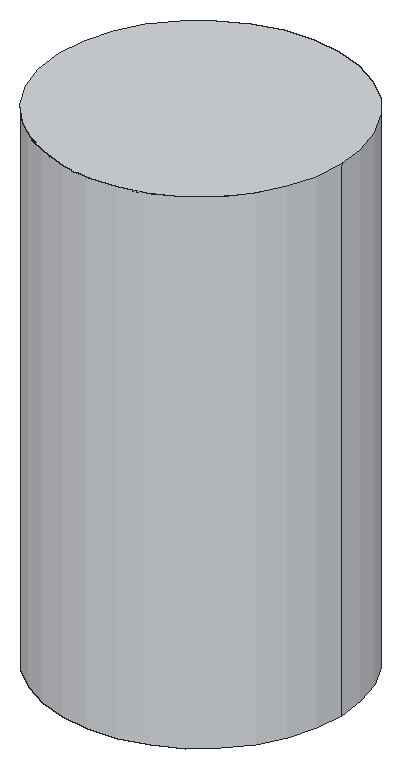
Revit family "non BH pile", category Structural Foundations, Revit 2021
Family settings
  Material for Model Behavior = Concrete
  Cap = No
  Work Plane-Based = No
  Always vertical = Yes
  Cut with Voids When Loaded = No
  Shared = Yes
Parameters (values of type "900Ø RC PILE")
  Type Comments = "900Ø RC PILE"
  Structural Material = <By Category>
  Pile Length [instance] = Pile Depth + Pile Embedment  # 1575 mm
  Pile Embedment [instance] = 75 mm  # constant formula
  Pile Depth [instance] = 1500 mm
  Keynote = "900Ø RC PILE"
  Diameter = 900 mm
  Description = ""
  Assembly Code = ""
Types (12, lengths in mm): name | Type Comments | Keynote | Diameter
  1500Ø RC PILE | "1500Ø RC PILE" | "1500Ø RC PILE" | 1500
  1200Ø RC PILE | "1200Ø RC PILE" | "1200Ø RC PILE" | 1200
  1050Ø RC PILE | "1050Ø RC PILE" | "1050Ø RC PILE" | 1050
  900Ø RC PILE | "900Ø RC PILE" | "900Ø RC PILE" | 900
  1000Ø RC PILE | "1000Ø RC PILE" | "1000Ø RC PILE" | 1000
  550Ø RC PILE | "550Ø RC PILE" | "550Ø RC PILE" | 550
  500Ø RC PILE | "500Ø RC PILE" | "500Ø RC PILE" | 500
  450Ø RC PILE | "450Ø RC PILE" | "450Ø RC PILE" | 450
  400Ø RC PILE | "400Ø RC PILE" | "400Ø RC PILE" | 400
  350Ø RC PILE | "350Ø RC PILE" | "350Ø RC PILE" | 350
  600Ø RC PILE | "600Ø RC PILE" | "600Ø RC PILE" | 600
  750Ø RC PILE | "750Ø RC PILE" | "750Ø RC PILE" | 750
Reference planes
  plane 1 "Center (Front/Back)": y = 0
  plane 2: z = 0
  plane 3 "Center (Left/Right)": x = 0
  plane 4: z = 75
  plane 5: z = -1500
Forms (mm)
  Extrusion 1, solid
    sketch origin (0, 0, 0) x (1, 0, 0) y (0, 1, 0)
      loop
        circle (0, 0) r 450
    from -1500 to 75
Lines and regions (mm)
  symbolic lines, style "HiddenStructuralFoundationLines"
    curve 1: line (-450, 0, 75) -> (450, 0, 75)
    curve 2: line (450, 0, 75) -> (450, 0, 0)
    curve 3: line (-450, 0, 75) -> (-450, 0, 0)
    curve 4: line (0, 450, 75) -> (0, -450, 75)
    curve 5: line (0, -450, 75) -> (0, -450, 0)
    curve 6: line (0, 450, 75) -> (0, 450, 0)
Dimensions and locks
  level to plane 4 = 75 mm
  equal spacing: curve 3, plane 3 "Center (Left/Right)", curve 2
  "Diameter": curve 3 to curve 2
  equal spacing: curve 6, plane 1 "Center (Front/Back)", curve 5
  "Diameter": curve 6 to curve 5
  "Pile Depth": plane 2 to plane 5
  "Pile Embedment": plane 4 to plane 2
  "Diameter": diameter of Extrusion 1
  "Diameter": diameter of Extrusion 1 sketch curve
  aligned and locked: plane 4 to Extrusion 1
  aligned and locked: curve 1 to plane 4
  aligned and locked: Extrusion 1 to plane 4
  aligned and locked: Extrusion 1 to plane 5
  aligned and locked: curve 4 to plane 4
Automatic sketch dimensions
  plane 1 "Center (Front/Back)" to Extrusion 1 sketch curve = 0 mm
  Extrusion 1 sketch curve to plane 3 "Center (Left/Right)" = 0 mm
  curve 2 to level = 0 mm
  curve 3 to level = 0 mm
  curve 5 to level = 0 mm
  curve 6 to level = 0 mm
